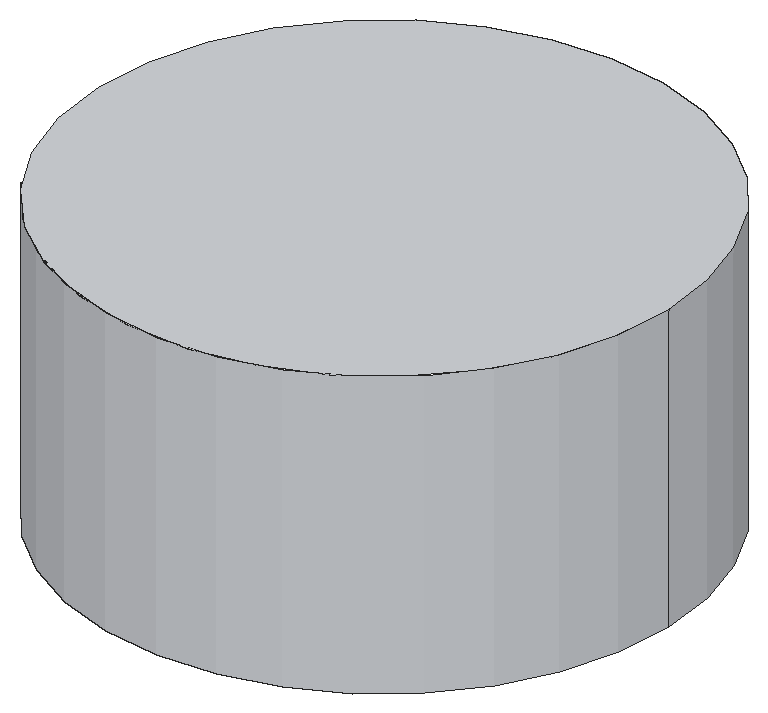
Revit family "ASF-6-C8", category Mechanical Equipment, Revit 2023
Family settings
  Round Connector Dimension = Use Diameter
  Classification = None
  Part Type = Normal
  OmniClass Number = 23.75.00.00
  OmniClass Title = Climate Control (HVAC)
  Work Plane-Based = No
  Always vertical = Yes
  Cut with Voids When Loaded = No
  Maintain Annotation Orientation = No
  Shared = No
  Room Calculation Point = No
Parameters (values of type "Standard")
  Default Elevation = 0' - 0"
  Connector_1_Diameter = 0' - 5 3/4"
Reference planes (in)
  plane 1 "Center (Front/Back)": y = 0
  plane 2: z = 0
  plane 3 "Center (Left/Right)": x = 0
Forms (in)
  Extrusion 1, solid
    sketch origin (0, 0, -15.61262) x (1, 0, 0) y (0, 1, 0)
      loop
        circle (0, 0) r 0.12
    from 0 to -0.12
Dimensions and locks (in)
  aligned and locked: plane 2 to level
Connectors (in)
  hvac at (0, 0, -15.61262), driven by "Connector_1_Diameter"
    settings: on Extrusion 1, index 1, duct flow 0 CFM, flow factor 0, pres drop 0.00 in-wg, loss coef 0, conn angle 0.00°, conn width 12", conn height 12", conn diameter 5 3/4", duct sys type 3, conn prof type 0, flow config 1, flow direction 1, loss method 0, conn ref index -1, conn util no, is conn primary yes, conn desc ""
